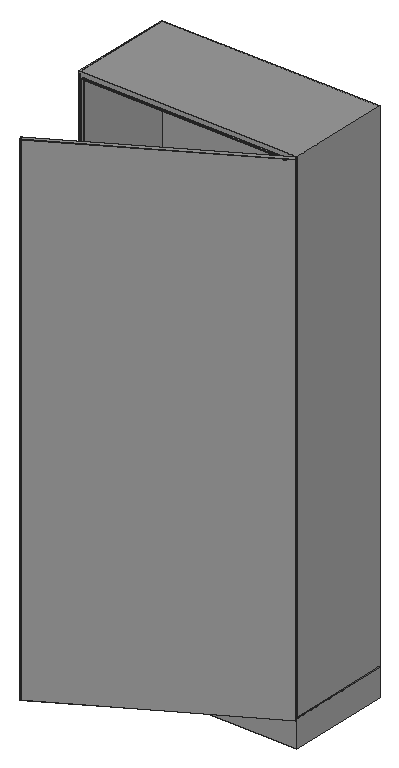
Revit family "Hager-Univers-IP55-D400-H1950-Cl.I-Steel_encl-NoHosted-PT-pt", category Electrical Equipment, Revit 2020
Family settings
  Panel Configuration = Two Columns, Circuits Across
  Round Connector Dimension = Use Diameter
  Part Type = Panelboard
  Work Plane-Based = Yes
  Always vertical = Yes
  Cut with Voids When Loaded = No
  Shared = No
  Room Calculation Point = No
Parameters (values of type "Instalação de piso IP55 L800 A1950 P400  - FR23G1")
  Width Control [instance] = if([EF000008 - Largura] > Min Width, [EF000008 - Largura], Min Width)  # 800 mm
  Type Comments = [HG000003 - Gama]  # "Univers"
  Thickness Door [instance] = if([EF009171 - Espessura do material da porta/tampa] > 3 mm, 3 mm, [EF009171 - Espessura do material da porta/tampa])  # 1.5 mm
  Seal Frame Offset [instance] = 17 mm  # constant formula
  Plinth Visibility [instance] = [HG000027 - Altura da Plinta] > 0 mm  # yes
  Min Width [instance] = 100 mm  # constant formula
  Min Depth [instance] = (2 * [EF009170 - Espessura do material do invólucro]) + 1 mm  # 4 mm
  Min Height [instance] = 100 mm  # constant formula
  Internal Frame Depth [instance] = (Door System Depth * 0.5)  # 9 mm
  Panel Name [instance] = ""  # (empty or 0)
  Model = ""
  HG000027 - Altura da Plinta = 100 mm
  HG000026 - Instalação no chão = yes
  HG000024 - Altura da secção inferior = 600 mm
  HG000023 - Recinto de secção dupla = no
  HG000016 - Visibilidade da porta 3D [instance] = yes
  HG000015 - Visibilidade através da porta [instance] = no
  HG000014 - Porta à direita [instance] = yes
  HG000013 - Porta à esquerda [instance] = not([HG000014 - Porta à direita])  # no
  HG000012 - Ângulo de abertura de porta [instance] = 30.00°
  HG000010 - Portas assimétricas = no
  HG000009 - Porta dupla = no
  HG000006 - Encastrado = no
  HG000004 - Referência do Fabricante = "FR23G1"
  HG000003 - Gama = "Univers"
  HG000002 - Com porta ou tampa = yes
  Frame Offset Bottom [instance] = 10 mm  # constant formula
  Frame Offset [instance] = 15 mm  # constant formula
  EF015940 - Tampa com libertação de sobrepressão = no
  EF011959 - Grau de proteção (NEMA) = ""
  EF009554 - Número de aberturas para placas de flange = 6
  EF009212 - Tipo de tampa = "EV000116 - Fechado"
  EF009171 - Espessura do material da porta/tampa = 1.5 mm
  EF009170 - Espessura do material do invólucro = 1.5 mm
  EF008873 - Corrente nominal (In) = 800 A
  EF007800 - Adequado para proteção contra raios = no
  EF006306 - Com fecho = no
  EF006244 - Tampa/porta transparente = no
  EF005474 - Grau de proteção (IP) = "EV006420 - IP55"
  EF004464 - Tipo de porta = "EV002646 - Único"
  EF004427 - Número de módulos = 432
  EF004293 - Força de impacto = "EV008784 - IK10"
  EF003532 - Adequado para uso no exterior = no
  EF002950 - Largura em número de módulos = 24
  EF001613 - Integridade do circuito = "EV000494 - Nenhum"
  EF001596 - Material do corpo = "EV000179 - Aço"
  EF001131 - Profundidade interior = 400 mm
  EF001088 - Extensão possível = yes
  EF000437 - Número de entradas de condutores = 6
  EF000339 - Tipo de difusor = "EV004216 - Porta"
  EF000266 - Número de linhas = 12
  EF000218 - Profundidade incorporada = 0 mm
  EF000118 - Com tampa de montagem = no
  EF000116 - Número RAL = "7035"
  EF000049 - Profundidade = 400 mm
  EF000040 - Altura = 1950 mm
  EF000008 - Largura = 800 mm
  EF000007 - Cor = "EV000270 - Cinzento"
  EF000003 - Método de montagem = "EV012274 - Instalação de piso"
  Door System Leaf Tolerance [instance] = 1.5 mm  # constant formula
  Door System Depth [instance] = 18 mm  # constant formula
  Door Height [instance] = Height Control - [HG000027 - Altura da Plinta]  # 1850 mm
  Description = ""
  Default Elevation = 1219.2 mm
  Connector Offset [instance] = Height Control / 2  # 975 mm
  Manufacturer = "Hager"  # constant formula
  Height Control [instance] = if([EF000040 - Altura] > Min Height, [EF000040 - Altura], Min Height)  # 1950 mm
  Depth Control [instance] = if([EF000049 - Profundidade] > Min Depth, [EF000049 - Profundidade], Min Depth)  # 400 mm
  Bottom Top Plate Trim [instance] = 1.5 mm  # constant formula
  Plinth height Ctrl [instance] = if([HG000027 - Altura da Plinta] > 0 mm, [HG000027 - Altura da Plinta], 12 mm)  # 100 mm
Types (4, lengths in mm): name | Width Control | HG000010 - Portas assimétricas | HG000009 - Porta dupla | HG000004 - Referência do Fabricante | EF009554 - Número de aberturas para placas de flange | EF004464 - Tipo de porta | EF004427 - Número de módulos | EF000437 - Número de entradas de condutores | EF000008 - Largura
  Instalação de piso IP55 L1050 A1950 P400  - FR24G1 | 1050 | yes | yes | "FR24G1" | 8 | "EV003602 - Duplo" | 576 | 8 | 1050
  Instalação de piso IP55 L1300 A1950 P400  - FR25G1 | 1300 | yes | yes | "FR25G1" | 10 | "EV003602 - Duplo" | 720 | 10 | 1300
  Instalação de piso IP55 L1550 A1950 P400  - FR26G1 | 1550 | yes | yes | "FR26G1" | 12 | "EV003602 - Duplo" | 864 | 12 | 1550
  Instalação de piso IP55 L800 A1950 P400  - FR23G1 | 800 | no | no | "FR23G1" | 6 | "EV002646 - Único" | 432 | 6 | 800
Reference planes
  plane 1 "Center (Front/Back)": y = 0
  plane 2: z = 0
  plane 3 "Center (Left/Right)": x = 0
  plane 4: y = 0
  plane 5: y = 0
  plane 6: z = 0
  plane 7: x = -400
  plane 8: x = 400
  plane 9: x = 398.5
  plane 10: x = -398.5
  plane 11: z = 100
  plane 12: z = 101.5
  plane 13: y = -400
  plane 14: y = -1.5
  plane 15: x = 0
  plane 16: y = -382
  plane 17: y = -398.5
  plane 18: y = -380.5
  plane 19: x = -383.5
  plane 20: x = 383.5
  plane 21: z = 111.5
  plane 22: x = -383
  plane 23: x = 383
  plane 24: z = 100
  plane 25: z = 1950
  plane 26: z = 1950
  plane 27: z = 1933.5
  plane 28: z = 1948.5
Forms (mm)
  Extrusion 1, solid, material "Hager_Steel_RAL7035_Light_Grey", detail levels medium+fine
    sketch origin (-208.679, -4572, 100) x (-1, 0, 0) y (0, -1, 0)
      loop
        line (191.321, -4190) -> (-608.679, -4190) -> (-608.679, -4572) -> (191.321, -4572) -> (191.321, -4190)
    from 0 to 1850
  Extrusion 2, void
    sketch origin (-350.771, -400, 1219.2) x (1, 0, 0) y (0, 0, 1)
      loop
        line (-47.729, 729.3) -> (-47.729, -1117.7) -> (749.271, -1117.7) -> (749.271, 729.3) -> (-47.729, 729.3)
    from -19.5 to -398.5
  Extrusion 3, void
    sketch origin (-290.084, -382, 1219.2) x (1, 0, 0) y (0, 0, 1)
      loop
        line (-93.416, -1107.7) -> (673.584, -1107.7) -> (673.584, 714.3) -> (-93.416, 714.3) -> (-93.416, -1107.7)
    from 0 to -1.5
  Extrusion 4, solid, material "Hager_Steel_RAL7035_Light_Grey", visible <- "Plinth Visibility", detail levels medium+fine
    sketch origin (0, 0, 0) x (1, 0, 0) y (0, 1, 0)
      loop
        line (-400, 0) -> (-400, -382) -> (400, -382) -> (400, 0) -> (-400, 0)
    from 0 to 100 <- "Plinth height Ctrl"
  Extrusion 5, solid, material "Hager_Steel_RAL7035_Light_Grey", detail levels coarse
    sketch origin (0, 0, 0) x (1, 0, 0) y (0, 1, 0)
      loop
        line (-400, 0) -> (-400, -400) -> (400, -400) -> (400, 0) -> (-400, 0)
    from 0 to 1950 <- "Height Control"
  Sweep 6, void
    path in 3D
      loop
        line (-400, -382, 100) -> (400, -382, 100) -> (400, 0, 100) -> (-400, 0, 100) -> (-400, -382, 100)
    profile origin (-400, -191, 100) x (1, 0, 0) y (0, 0, 1)
      loop
        line (0, 0) -> (0, -1.5) -> (1.5, -1.5)
        arc (1.5, -1.5) -> (1.061, -0.439) -> (0, 0) r 1.5
  Extrusion 7, solid, material "Hager_Steel_RAL7035_Light_Grey", detail levels fine
    sketch origin (-400, -382, 100) x (1, 0, 0) y (0, 0, 1)
      loop
        line (16.5, 11.5) -> (783.5, 11.5) -> (783.5, 1833.5) -> (16.5, 1833.5) -> (16.5, 11.5)
      loop
        line (15, 10) -> (785, 10) -> (785, 1835) -> (15, 1835) -> (15, 10)
    from 0 to 9 <- "Internal Frame Depth"
Cuts and joins
  Extrusion 2, Extrusion 3 cuts Extrusion 1
  Sweep 6 cuts Extrusion 4
Lines and regions (mm)
  Masking region 1
    outline origin (0, 0, 0) x (1, 0, 0) y (0, 1, 0)
      loop
        line (-400, 0) -> (-400, -400) -> (400, -400) -> (400, 0) -> (-400, 0)
  Masking region 2, detail levels coarse
    outline origin (-290.084, -382, 1219.2) x (-1, 0, 0) y (0, 0, 1)
      loop
        line (-690.084, -1219.2) -> (109.916, -1219.2) -> (109.916, 730.8) -> (-690.084, 730.8) -> (-690.084, -1219.2)
  Masking region 3, detail levels coarse
    outline origin (0, 0, 0) x (0, 1, 0) y (0, 0, 1)
      loop
        line (0, 0) -> (0, 1950) -> (-400, 1950) -> (-400, 0) -> (0, 0)
  Masking region 4, visible <- "Plinth Visibility", detail levels medium+fine
    outline origin (0, 0, 0) x (0, 1, 0) y (0, 0, 1)
      loop
        line (-1.5, 100) -> (-380.5, 100)
        arc (-380.5, 100) -> (-380.939, 98.939) -> (-382, 98.5) r 1.5
        line (-382, 98.5) -> (-382, 0) -> (0, 0) -> (0, 98.5)
        arc (0, 98.5) -> (-1.061, 98.939) -> (-1.5, 100) r 1.5
  Masking region 5, detail levels medium+fine
    outline origin (0, 0, 594.038) x (0, 1, 0) y (0, 0, 1)
      loop
        line (0, -494.038) -> (0, 1355.962) -> (-382, 1355.962) -> (-382, -494.038) -> (0, -494.038)
  Masking region 6, detail levels medium+fine
    outline origin (-359.7, -382, 1211.883) x (-1, 0, 0) y (0, 0, 1)
      loop
        line (-759.7, -1111.883) -> (40.3, -1111.883) -> (40.3, 738.117) -> (-759.7, 738.117) -> (-759.7, -1111.883)
  Masking region 7, visible <- "Plinth Visibility", detail levels medium+fine
    outline origin (-320.334, -382, 1041.368) x (-1, 0, 0) y (0, 0, 1)
      loop
        line (-720.334, -1041.368) -> (79.666, -1041.368) -> (79.666, -942.868)
        arc (79.666, -942.868) -> (78.606, -942.429) -> (78.166, -941.368) r 1.5
        line (78.166, -941.368) -> (-718.834, -941.368)
        arc (-718.834, -941.368) -> (-719.273, -942.429) -> (-720.334, -942.868) r 1.5
        line (-720.334, -942.868) -> (-720.334, -1041.368)
  sketch lines
    curve 1: line (-400, 0, 100) -> (-400, -382, 100)
    curve 2: line (-400, -382, 100) -> (400, -382, 100)
    curve 3: line (400, 0, 100) -> (-400, 0, 100)
    curve 4: line (400, -382, 100) -> (400, 0, 100)
Dimensions and locks
  locked: plane 1 "Center (Front/Back)" to plane 5
  "EF009170 - Espessura do material do invólucro": plane 7 to plane 10
  "EF009170 - Espessura do material do invólucro": plane 8 to plane 9
  equal spacing: plane 7, plane 3 "Center (Left/Right)", plane 8
  "Width Control": plane 7 to plane 8
  "Depth Control": plane 4 to plane 13
  "EF009170 - Espessura do material do invólucro": plane 4 to plane 14
  "Height Control": plane 25 to level
  "HG000027 - Altura da Plinta": plane 11 to level
  "EF009170 - Espessura do material do invólucro": plane 12 to plane 11
  "EF009170 - Espessura do material do invólucro": plane 17 to plane 13
  "EF009170 - Espessura do material do invólucro": plane 18 to plane 16
  "Frame Offset Bottom": plane 21 to plane 12
  "Frame Offset": plane 10 to plane 19
  "Frame Offset": plane 9 to plane 20
  "Door System Depth": plane 16 to plane 13
  "Seal Frame Offset": plane 7 to plane 22
  "Seal Frame Offset": plane 8 to plane 23
  "EF009170 - Espessura do material do invólucro": plane 26 to plane 28
  "Frame Offset": plane 28 to plane 27
  "Connector Offset": plane 2 to connector elem
  "Bottom Top Plate Trim": profile plane to Sweep 6 sketch curve
  "Bottom Top Plate Trim": Sweep 6 sketch curve to Sweep 6 sketch curve
  "Plinth height Ctrl": Masking region 4 sketch curve to level
  "Plinth height Ctrl": Masking region 7 sketch curve to level
  "Thickness Door": Extrusion 7 sketch curve to Extrusion 7 sketch curve  (x4)
  "Bottom Top Plate Trim": radius of Sweep 6 sketch curve
  "Bottom Top Plate Trim": radius of Masking region 4 sketch curve  (x2)
  "Bottom Top Plate Trim": radius of Masking region 7 sketch curve  (x2)
  aligned and locked: Extrusion 2 sketch curve to plane 12
  aligned and locked: Extrusion 2 sketch curve to plane 9
  aligned and locked: Extrusion 2 sketch curve to plane 10
  aligned and locked: Extrusion 2 to plane 14
  aligned and locked: Extrusion 1 sketch curve to plane 4
  aligned and locked: plane 8 to Extrusion 1 sketch curve
  aligned and locked: plane 7 to Extrusion 1 sketch curve
  aligned and locked: Extrusion 2 to plane 18
  aligned and locked: Extrusion 3 sketch curve to plane 19
  aligned and locked: plane 20 to Extrusion 3 sketch curve
  aligned and locked: Extrusion 3 to Extrusion 2
  aligned and locked: Extrusion 3 sketch curve to plane 21
  aligned and locked: plane 3 "Center (Left/Right)" to nested 1
  aligned and locked: Extrusion 1 sketch curve to plane 16
  aligned and locked: Extrusion 4 sketch curve to cut or joined group of Extrusion 1, Extrusion 2, Extrusion 3
  aligned and locked: Masking region 1 sketch curve to plane 7
  aligned and locked: Masking region 1 sketch curve to plane 5
  aligned and locked: Masking region 1 sketch curve to plane 8
  aligned and locked: Masking region 2 sketch curve to level
  aligned and locked: level to Masking region 3 sketch curve
  aligned and locked: plane 1 "Center (Front/Back)" to Masking region 3 sketch curve
  aligned and locked: plane 13 to Masking region 3 sketch curve
  aligned and locked: plane 5 to Masking region 4 sketch curve
  aligned and locked: Masking region 2 sketch curve to plane 8
  aligned and locked: Masking region 2 sketch curve to plane 7
  aligned and locked: plane 7 to nested 2
  aligned and locked: nested 2 to plane 5
  aligned and locked: plane 5 to Masking region 5 sketch curve
  aligned and locked: plane 26 to Masking region 5 sketch curve
  aligned and locked: Extrusion 5 sketch curve to plane 8
  aligned and locked: Extrusion 5 sketch curve to plane 7
  aligned and locked: Extrusion 5 sketch curve to plane 5
  aligned and locked: Extrusion 3 sketch curve to plane 27
  aligned and locked: Extrusion 2 sketch curve to plane 28
  aligned and locked: Masking region 2 to plane 25
  aligned and locked: Extrusion 4 to plane 16
  aligned and locked: profile plane to Sweep 6 sketch curve
  aligned and locked: Masking region 5 sketch curve to plane 24
  aligned and locked: level to Masking region 4 sketch curve
  aligned and locked: Masking region 1 to plane 13
  aligned and locked: nested 1 to plane 16
  aligned and locked: Masking region 3 to plane 25
  aligned and locked: plane 16 to Masking region 4 sketch curve
  aligned and locked: Masking region 5 sketch curve to plane 16
  aligned and locked: plane 24 to plane 11
  aligned and locked: plane 26 to plane 25
  aligned and locked: plane 26 to cut or joined group of Extrusion 1, Extrusion 2, Extrusion 3
  aligned and locked: nested 1 to plane 24
  aligned and locked: Extrusion 1 to Extrusion 3
  aligned and locked: Masking region 6 sketch curve to plane 8
  aligned and locked: Masking region 6 sketch curve to plane 24
  aligned and locked: Masking region 6 sketch curve to plane 7
  aligned and locked: Masking region 6 sketch curve to plane 26
  aligned and locked: Masking region 7 sketch curve to plane 7
  aligned and locked: level to Masking region 7 sketch curve
  aligned and locked: Masking region 7 sketch curve to plane 8
  aligned and locked: Extrusion 7 sketch curve to cut or joined group of Extrusion 1, Extrusion 2, Extrusion 3  (x4)
Automatic sketch dimensions
  plane 19 to Extrusion 3 sketch curve = 0 mm
  Extrusion 3 sketch curve to plane 20 = 0 mm
  Extrusion 3 sketch curve to plane 21 = 0 mm
  Extrusion 4 sketch curve to plane 7 = 0 mm
  Extrusion 4 sketch curve to plane 8 = 0 mm
  Extrusion 4 sketch curve to plane 16 = 0 mm
  Masking region 1 sketch curve to plane 13 = 0 mm
  Masking region 2 sketch curve to plane 25 = 0 mm
  Masking region 3 sketch curve to plane 25 = 0 mm
  Extrusion 5 sketch curve to plane 13 = 0 mm
  profile plane to Sweep 6 sketch curve = 0 mm
Nested families
  nested 1: "EC000058_Univers_Door" at (0, -382, 100), Double <- "HG000009 - Porta dupla", Transparent <- "EF006244 - Tampa/porta transparente", Angle <- "HG000012 - Ângulo de abertura de porta", Door_Right <- "HG000014 - Porta à direita", Assymetrical <- "HG000010 - Portas assimétricas", Door <- "HG000002 - Com porta ou tampa", Width_Ctrl <- "Width Control", 3d_Door <- "HG000016 - Visibilidade da porta 3D", Clearance <- "HG000015 - Visibilidade através da porta", Door_Left <- "HG000013 - Porta à esquerda", Width <- "Width Control", Door_Depth <- "Door System Depth", Leaf_Tolerance <- "Door System Leaf Tolerance", Height <- "Door Height", Lock_Visibility <- "EF006306 - Com fecho", Thickness <- "Thickness Door", type "EC000058_Univers_Door", detail levels medium+fine
    with min_wh 4 mm, Width_Ctrl 800 mm, Width 800 mm, Transparent no, Thickness 1.5 mm, Seal_Material Hager_Rubber, Lock_Visibility no, Lock_Material Hager_Plastic_RAL9005_Jet_Black, Leaf_Width 800 mm, Leaf_Tolerance_External_Sides 0 mm, Leaf_Tolerance 1.5 mm, Leaf_Offset 0 mm, Leaf_Height 1847 mm, Leaf_2_Width 800 mm, Leaf_2_Offset 400 mm, Leaf_1_Width 800 mm, Leaf_1_Offset 400 mm, Height_Ctrl 1850 mm, Height 1850 mm, Glass_Material Hager_Glass, Double_Clearance_Ctrl no, Double no, Door_Right_Ctrl yes, Door_Right yes, Door_Material Hager_Steel_RAL7035_Light_Grey, Door_Left_Ctrl no, Door_Left no, Door_Depth 18 mm, Door yes, Clearance_Material Hager_Clearance, Clearance_Depth 800 mm, Clearance_Ctrl no, Clearance no, Assymetrical no, Angle 30.00°, 3d_Door yes
  nested 2: "Hager_Enclosure_Symbol" at (-400, 0, 0), Height <- "Depth Control", Width <- "Width Control", type "Hager_Enclosure_Symbol"
    with Width_Ctrl 800 mm, Width 800 mm, Height_Ctrl 400 mm, Height 400 mm, A_Width_Int 26.25 mm, A_Width 315 mm, A_Height_Ctrl 350 mm, A_Height 350 mm
Connectors
  electrical at (0, 0, 975)
    settings: on plane 1 "Center (Front/Back)", index 1, voltage 0 V, apparent load 0 VA, apparent load phase1 0 VA, apparent load phase2 0 VA, apparent load phase3 0 VA, power factor 1, load classification "Other", number of poles 1, system type 30, power factor state 1, is connector primary yes, connector utility no, sub classification motor no, connector description ""
Definition of nested family "EC000058_Univers_Door"
  Parameters (values of type "EC000058_Univers_Door")
    min_wh [instance] = (2 * Thickness) + 1 mm  # 11 mm
    Width_Ctrl [instance] = 400 mm
    Width [instance] = 500 mm
    Transparent [instance] = yes
    Thickness [instance] = 5 mm
    Seal_Material [instance] = none
    Lock_Visibility [instance] = yes
    Lock_Material [instance] = none
    Leaf_Width [instance] = if((Width_Ctrl - 2 * Leaf_Tolerance_External_Sides) > 0 mm, (Width_Ctrl - 2 * Leaf_Tolerance_External_Sides), min_wh)  # 400 mm
    Leaf_Tolerance_External_Sides [instance] = 0 mm  # constant formula
    Leaf_Tolerance [instance] = 1.5 mm
    Leaf_Offset [instance] = 0 mm  # constant formula
    Leaf_Height [instance] = if((Height_Ctrl - 2 * Leaf_Tolerance) > 0 mm, (Height_Ctrl - 2 * Leaf_Tolerance), min_wh)  # 497 mm
    Leaf_2_Width [instance] = if(and(and(Double, Assymetrical), Door_Left), (Leaf_Width / 3) - (Leaf_Tolerance / 2), if(and(and(Double, Assymetrical), Door_Right), (Leaf_Width / 3) * 2 - (Leaf_Tolerance / 2), if(and(Double, not(Assymetrical)), (Leaf_Width / 2) - Leaf_Tolerance, Leaf_Width)))  # 400 mm
    Leaf_2_Offset [instance] = if(and(Double, Assymetrical), Leaf_2_Width / 2, if(and(Double, not(Assymetrical)), Leaf_Width / 4, Leaf_Width / 2))  # 200 mm
    Leaf_1_Width [instance] = if(and(and(Double, Assymetrical), Door_Right), (Leaf_Width / 3) - (Leaf_Tolerance / 2), if(and(and(Double, Assymetrical), Door_Left), (Width / 3) * 2 - (Leaf_Tolerance / 2), if(and(Double, not(Assymetrical)), (Leaf_Width / 2) - Leaf_Tolerance, Leaf_Width)))  # 400 mm
    Leaf_1_Offset [instance] = if(and(Double, Assymetrical), Leaf_1_Width / 2, if(and(Double, not(Assymetrical)), Leaf_Width / 4, Leaf_Width / 2))  # 200 mm
    Height_Ctrl [instance] = if(Height > min_wh, Height, min_wh)  # 500 mm
    Height [instance] = 500 mm
    Glass_Material [instance] = none
    Double_Clearance_Ctrl [instance] = and(Double, Clearance)  # no
    Double [instance] = no
    Door_Right_Ctrl [instance] = and(or(Door_Right, Double), Door)  # yes
    Door_Right [instance] = yes
    Door_Material [instance] = none
    Door_Left_Ctrl [instance] = and(or(Door_Left, Double), Door)  # no
    Door_Left [instance] = no
    Door_Depth [instance] = 30 mm
    Door [instance] = yes
    Default Elevation = 1219.2 mm
    Clearance_Material [instance] = none
    Clearance_Depth [instance] = if(Leaf_1_Width > Leaf_2_Width, Leaf_1_Width, Leaf_2_Width)  # 400 mm
    Clearance_Ctrl [instance] = and(not(Double), Clearance)  # yes
    Clearance [instance] = yes
    Assymetrical [instance] = yes
    Angle [instance] = 30.00°
    3d_Door [instance] = yes
  Reference planes
    plane 1 "Center (Front/Back)": y = 0
    plane 2 "Bottom": z = 0
    plane 3 "Center (Left/Right)": x = 0
    plane 4: z = 500
    plane 5: x = -200
    plane 6: x = 200
    plane 7: z = 500
    plane 8: x = -200
    plane 9: z = 0
    plane 10: x = 200
    plane 11: y = 0
    plane 12: z = 1.5
    plane 13: x = -600
    plane 14: y = -400
    plane 15: x = 600
    plane 16: x = 0
    plane 17: x = 0
    plane 18: x = -200
    plane 19: x = 200
    plane 20: z = 498.5
  Forms (mm)
    Extrusion 1, solid, material <- "Clearance_Material", visible <- "Double_Clearance_Ctrl"
      sketch origin (1200, 0, 0) x (1, 0, 0) y (0, 0, -1)
        loop
          line (-1800, -498.5) -> (-600, -498.5) -> (-600, 0) -> (-1800, 0) -> (-1800, -498.5)
      from 0 to -400
  Dimensions and locks
    equal spacing: plane 5, plane 3 "Center (Left/Right)", plane 6
    "Width_Ctrl": plane 5 to plane 6
    "Leaf_Offset": plane 5 to plane 8
    "Leaf_Offset": plane 6 to plane 10
    "Leaf_Offset": plane 9 to level
    "Leaf_Offset": plane 4 to plane 7
    "Height_Ctrl": plane 4 to level
    "Leaf_Tolerance": plane 12 to plane 9
    locked: plane 11 to plane 1 "Center (Front/Back)"
    "Leaf_1_Offset": plane 18 to plane 16
    "Leaf_2_Offset": plane 17 to plane 19
    "Leaf_1_Width": plane 13 to plane 8
    "Leaf_2_Width": plane 10 to plane 15
    "Clearance_Depth": plane 14 to plane 1 "Center (Front/Back)"
    "Leaf_Tolerance_External_Sides": plane 8 to plane 18
    "Leaf_Tolerance_External_Sides": plane 19 to plane 10
    "Leaf_Tolerance": plane 7 to plane 20
    aligned and locked: level to plane 2 "Bottom"
    aligned and locked: nested 1 to plane 16
    aligned and locked: nested 2 to plane 17
    aligned and locked: Extrusion 1 to plane 13
    aligned and locked: plane 15 to Extrusion 1
    aligned and locked: Extrusion 1 to plane 14
    aligned and locked: plane 12 to nested 1
    aligned and locked: nested 2 to plane 12
    aligned and locked: Extrusion 1 to plane 11
    aligned and locked: plane 20 to Extrusion 1
    aligned and locked: nested 2 to plane 11
    aligned and locked: nested 1 to plane 11
  Automatic sketch dimensions
    Extrusion 1 sketch curve to level = 0 mm
    plane 5 to Extrusion 1 sketch curve = 400 mm
    plane 6 to Extrusion 1 sketch curve = 400 mm
    Extrusion 1 sketch curve to plane 4 = 1.5 mm
  Nested families
    nested 1: "EC000058_Univers_Door_Leaf" at (0, 0, 1.5), Width <- "Leaf_1_Width", visible <- "Door_Left_Ctrl", Leaf_Height <- "Leaf_Height", Angle <- "Angle", 3d_Door <- "3d_Door", Transparent <- "Transparent", Clearance Material <- "Clearance_Material", Clearance <- "Clearance_Ctrl", Door_Material <- "Door_Material", Glass_Material <- "Glass_Material", Door_Depth <- "Door_Depth", Lock_Material <- "Lock_Material", Seal_Material <- "Seal_Material", Lock_Visibility <- "Lock_Visibility", Thickness <- "Thickness", type "EC000058_Univers_Door_Leaf"
      with Width 400 mm, Transparent_Glass_Offset 30 mm, Transparent_Ctrl yes, Transparent yes, Thickness 5 mm, Standard no, Seal_Material none, Seal_D2 8 mm, Seal_D1 1 mm, Offset_Internal_Frame 10 mm, Lock_Width 20 mm, Lock_Visibility_3d yes, Lock_Visibility yes, Lock_Thickness_3 3 mm, Lock_Thickness_2 1 mm, Lock_Thickness_1 3 mm, Lock_Radius_Offset_2 16 mm, Lock_Radius_Offset_1 15 mm, Lock_Radius_2 5 mm, Lock_Radius 6 mm, Lock_Offset 5 mm, Lock_Material none, Lock_Height 80 mm, Lock_Cover_Top_Offset_2d 17 mm, Lock_Cover_Height -65 mm, Leaf_Height 497 mm, Internal_Seal_Thickness 8 mm, Internal_Seal_Depth_2 4.5 mm, Internal_Frame_Depth 25 mm, Glass_Thickness -1 mm, Glass_Offset -2 mm, Glass_Material none, Door_Material none, Door_Depth 30 mm, Clearance Material none, Clearance yes, Angle_Ctrl 30.00°, Angle 30.00°, 3d_Door yes
    nested 2: "EC000058_Univers_Door_Leaf" at (0, 0, 1.5) x (-1, 0, 0) z (0, 0, 1), Width <- "Leaf_2_Width", visible <- "Door_Right_Ctrl", Leaf_Height <- "Leaf_Height", Angle <- "Angle", 3d_Door <- "3d_Door", Transparent <- "Transparent", Clearance Material <- "Clearance_Material", Clearance <- "Clearance_Ctrl", Door_Material <- "Door_Material", Glass_Material <- "Glass_Material", Door_Depth <- "Door_Depth", Lock_Material <- "Lock_Material", Seal_Material <- "Seal_Material", Lock_Visibility <- "Lock_Visibility", Thickness <- "Thickness", type "EC000058_Univers_Door_Leaf"
      with Width 400 mm, Transparent_Glass_Offset 30 mm, Transparent_Ctrl yes, Transparent yes, Thickness 5 mm, Standard no, Seal_Material none, Seal_D2 8 mm, Seal_D1 1 mm, Offset_Internal_Frame 10 mm, Lock_Width 20 mm, Lock_Visibility_3d yes, Lock_Visibility yes, Lock_Thickness_3 3 mm, Lock_Thickness_2 1 mm, Lock_Thickness_1 3 mm, Lock_Radius_Offset_2 16 mm, Lock_Radius_Offset_1 15 mm, Lock_Radius_2 5 mm, Lock_Radius 6 mm, Lock_Offset 5 mm, Lock_Material none, Lock_Height 80 mm, Lock_Cover_Top_Offset_2d 17 mm, Lock_Cover_Height -65 mm, Leaf_Height 497 mm, Internal_Seal_Thickness 8 mm, Internal_Seal_Depth_2 4.5 mm, Internal_Frame_Depth 25 mm, Glass_Thickness -1 mm, Glass_Offset -2 mm, Glass_Material none, Door_Material none, Door_Depth 30 mm, Clearance Material none, Clearance yes, Angle_Ctrl 30.00°, Angle 30.00°, 3d_Door yes
  Definition of nested family "EC000058_Univers_Door_Leaf"
    Parameters (values of type "EC000058_Univers_Door_Leaf")
      Width [instance] = 2000 mm
      Transparent_Glass_Offset [instance] = 30 mm
      Transparent_Ctrl [instance] = and(Transparent, [3d_Door])  # yes
      Transparent [instance] = yes
      Thickness [instance] = 5 mm
      Standard [instance] = and(not(Transparent), [3d_Door])  # no
      Seal_Material [instance] = none
      Seal_D2 [instance] = 8 mm  # constant formula
      Seal_D1 [instance] = 1 mm  # constant formula
      Offset_Internal_Frame [instance] = 10 mm  # constant formula
      Lock_Width [instance] = 20 mm  # constant formula
      Lock_Visibility_3d [instance] = and(Lock_Visibility, [3d_Door])  # yes
      Lock_Visibility [instance] = yes
      Lock_Thickness_3 [instance] = 3 mm  # constant formula
      Lock_Thickness_2 [instance] = 1 mm  # constant formula
      Lock_Thickness_1 [instance] = 3 mm  # constant formula
      Lock_Radius_Offset_2 [instance] = Lock_Radius_Offset_1 + 1 mm  # 16 mm
      Lock_Radius_Offset_1 [instance] = 15 mm  # constant formula
      Lock_Radius_2 [instance] = Lock_Radius - 1 mm  # 5 mm
      Lock_Radius [instance] = 6 mm  # constant formula
      Lock_Offset [instance] = 5 mm  # constant formula
      Lock_Material [instance] = none
      Lock_Height [instance] = 80 mm  # constant formula
      Lock_Cover_Top_Offset_2d [instance] = Lock_Radius_Offset_2 + 1 mm  # 17 mm
      Lock_Cover_Height [instance] = -(Lock_Height - Lock_Radius_Offset_1)  # -65 mm
      Leaf_Height [instance] = 2720.336 mm
      Internal_Seal_Thickness [instance] = 8 mm  # constant formula
      Internal_Seal_Depth_2 [instance] = 4.5 mm  # constant formula
      Internal_Frame_Depth [instance] = if(Door_Depth - Thickness > 5 mm, Door_Depth - Thickness, 5 mm)  # 25 mm
      Glass_Thickness [instance] = if(Thickness > 15 mm, Glass_Offset + 10 mm, -1 mm)  # -1 mm
      Glass_Offset [instance] = if(Thickness > 15 mm, -(Thickness + 10 mm) / 2, -2 mm)  # -2 mm
      Glass_Material [instance] = none
      Door_Material [instance] = none
      Door_Depth [instance] = 30 mm
      Default Elevation = 0 mm
      Clearance Material [instance] = none
      Clearance [instance] = yes
      Angle_Ctrl [instance] = if(Angle > 180.00°, 180.00°, Angle)  # 90.00°
      Angle [instance] = 90.00°
      3d_Door [instance] = yes
    Reference planes
      plane 1 "Center (Front/Back)": y = 0
      plane 2: z = 0
      plane 3 "Center (Left/Right)": x = 0
      plane 4: y = 2000
      plane 5: x = -1000
      plane 6: x = 1000
      plane 7: x = -3000
      plane 8: z = 2720.336
      plane 9: z = 30
      plane 10: z = 2690.336
      plane 11: x = 970
      plane 12: x = -970
      plane 13: y = -3
      plane 14: z = 107.833
      plane 15: y = -5
      plane 16: y = -223.314
      plane 17: x = -1000
      plane 18: z = 1360.168
      plane 19: y = 30
    Forms (mm)
      Extrusion 1, solid, material <- "Clearance Material", visible <- "Clearance"
        sketch origin (0, 0, 0) x (1, 0, 0) y (0, 0, 1)
          loop
            line (-3000, 2720.336) -> (-3000, 0) -> (1000, 0) -> (1000, 2720.336) -> (-3000, 2720.336)
        from 0 to -2000
      Extrusion 2, solid, material <- "Door_Material", visible <- "Standard", detail levels medium+fine
        sketch origin (-1000, 0, 0) x (0, 1, 0) y (-1, 0, 0)
          loop
            line (0, 30) -> (0, 25) -> (2000, 25) -> (2000, 30) -> (0, 30)
        from 0 to 2720.336 <- "Leaf_Height"
      Extrusion 3, solid, material <- "Door_Material", visible <- "Transparent_Ctrl", detail levels medium+fine
        sketch origin (-1000, 0, 0) x (0, 1, 0) y (-1, 0, 0)
          loop
            line (0, 25) -> (2000, 25) -> (2000, 30) -> (0, 30) -> (0, 25)
        from 0 to 2720.336 <- "Leaf_Height"
      Extrusion 4, void
        sketch origin (-1025, 2000, 0) x (0, 1, 0) y (0, 0, -1)
          loop
            line (-30, -2690.336) -> (-30, -30) -> (-1970, -30) -> (-1970, -2690.336) -> (-30, -2690.336)
        from 0 to 5 <- "Thickness"
      Sweep 5, solid, material <- "Seal_Material", visible <- "Transparent_Ctrl", detail levels fine
        path in 3D
          loop
            line (-1025, 30, 30) -> (-1025, 30, 2690.336) -> (-1025, 1970, 2690.336) -> (-1025, 1970, 30) -> (-1025, 30, 30)
        profile origin (-1025, 1000, 30) x (1, 0, 0) y (0, 0, 1)
          loop
            line (0, 0) -> (0, -8) -> (1, -8) -> (1, 0) -> (0, 0)
      Extrusion 6, solid, material <- "Glass_Material", visible <- "Transparent_Ctrl", detail levels medium+fine
        sketch origin (-1030, 0, 0) x (0, 1, 0) y (0, 0, -1)
          loop
            line (1970, -2690.336) -> (1970, -30) -> (30, -30) -> (30, -2690.336) -> (1970, -2690.336)
        from -2 <- "Glass_Offset" to -1 <- "Glass_Thickness"
      Extrusion 7, solid, material <- "Door_Material", visible <- "3d_Door", detail levels medium+fine
        sketch origin (-1025, 2000, 0) x (0, -1, 0) y (0, 0, -1)
          loop
            line (0, -2720.336) -> (2000, -2720.336) -> (2000, 0) -> (0, 0) -> (0, -2720.336)
          loop
            line (1995, -5) -> (5, -5) -> (5, -2715.336) -> (1995, -2715.336) -> (1995, -5)
        from 0 to 25 <- "Internal_Frame_Depth"
      Sweep 8, solid, material <- "Seal_Material", visible <- "Transparent_Ctrl", detail levels fine
        path in 3D
          loop
            line (-1025, 0, 0) -> (-1025, 2000, 0) -> (-1025, 2000, 2720.336) -> (-1025, 0, 2720.336) -> (-1025, 0, 0)
        profile origin (-1025, 0, 1360.168) x (1, 0, 0) y (0, 1, 0)
          loop
            line (0, 10) -> (2.975, 10)
            arc (2.975, 10) -> (4.053, 10.447) -> (4.5, 11.525) r 1.525
            line (4.5, 11.525) -> (4.5, 16.527)
            arc (4.5, 16.527) -> (4.069, 17.569) -> (3.027, 18) r 1.473
            line (3.027, 18) -> (0, 18) -> (0, 10)
      Extrusion 9, solid, material <- "Lock_Material", visible <- "Lock_Visibility_3d", detail levels fine
        sketch origin (-1030, 0, 0) x (0, 1, 0) y (0, 0, -1)
          loop
            arc (1993.5, -1400.168) -> (1994.561, -1399.729) -> (1995, -1398.668) r 1.5
            line (1995, -1398.668) -> (1995, -1320.168) -> (1975, -1320.168) -> (1975, -1398.668)
            arc (1975, -1398.668) -> (1975.439, -1399.729) -> (1976.5, -1400.168) r 1.5
            line (1976.5, -1400.168) -> (1993.5, -1400.168)
        from 3 <- "Lock_Thickness_1" to 0
      Blend 10, solid, material <- "Lock_Material", visible <- "Lock_Visibility_3d", detail levels fine
        base sketch origin (-1033, 0, 0) x (0, 1, 0) y (0, 0, -1)
          loop
            line (1975, -1320.168) -> (1975, -1398.668)
            arc (1975, -1398.668) -> (1975.439, -1399.729) -> (1976.5, -1400.168) r 1.5
            line (1976.5, -1400.168) -> (1993.5, -1400.168)
            arc (1993.5, -1400.168) -> (1994.561, -1399.729) -> (1995, -1398.668) r 1.5
            line (1995, -1398.668) -> (1995, -1320.168) -> (1975, -1320.168)
        top sketch origin (-1033, 0, 0) x (0, 1, 0) y (0, 0, -1)
          loop
            line (1976, -1320.168) -> (1976, -1398.668)
            arc (1976, -1398.668) -> (1976.146, -1399.022) -> (1976.5, -1399.168) r 0.5
            line (1976.5, -1399.168) -> (1993.5, -1399.168)
            arc (1993.5, -1399.168) -> (1993.854, -1399.022) -> (1994, -1398.668) r 0.5
            line (1994, -1398.668) -> (1994, -1320.168) -> (1976, -1320.168)
        from 0 to 1 <- "Lock_Thickness_2"
      Blend 11, solid, material <- "Lock_Material", visible <- "Lock_Visibility_3d", detail levels fine
        base sketch origin (-1034, 0, 0) x (0, 1, 0) y (0, 0, -1)
          loop
            line (1978, -1320.168) -> (1978, -1384.168)
            arc (1978, -1384.168) -> (1985, -1391.168) -> (1992, -1384.168) r 7
            line (1992, -1384.168) -> (1992, -1320.168) -> (1978, -1320.168)
        top sketch origin (-1034, 0, 0) x (0, 1, 0) y (0, 0, -1)
          loop
            line (1991, -1320.168) -> (1979, -1320.168) -> (1979, -1383.168)
            arc (1979, -1383.168) -> (1985, -1389.168) -> (1991, -1383.168) r 6
            line (1991, -1383.168) -> (1991, -1320.168)
        from 0 to 3 <- "Lock_Thickness_3"
      Extrusion 12, solid, material <- "Lock_Material", visible <- "Lock_Visibility_3d", detail levels fine
        sketch origin (-1030, 1975, 1320.168) x (1, 0, 0) y (0, -1, 0)
          loop
            line (-7, -19) -> (-7, -1) -> (0, -1) -> (0, 0) -> (-8, 0) -> (-8, -20) -> (0, -20) -> (0, -19) -> (-7, -19)
        from 0 to -65 <- "Lock_Cover_Height"
      Extrusion 13, void
        sketch origin (-1038, 1995, 1320.168) x (-1, 0, 0) y (0, 0, -1)
          loop
            line (-5, -65) -> (0, -65) -> (-5, -60) -> (-5, -65)
        from 0 to 20 <- "Lock_Width"
      Extrusion 14, void
        sketch origin (-1038, 1975, 1320.168) x (0, -1, 0) y (0, 0, -1)
          loop
            circle (-10, -15.995) r 6
          loop
            circle (-10, -15.995) r 5
        from 0 to 2
      Extrusion 15, solid, material <- "Lock_Material", visible <- "Lock_Visibility_3d", detail levels medium
        sketch origin (-1030, 0, 0) x (0, 1, 0) y (0, 0, -1)
          loop
            arc (1993.5, -1400.168) -> (1994.561, -1399.729) -> (1995, -1398.668) r 1.5
            line (1995, -1398.668) -> (1995, -1320.168) -> (1975, -1320.168) -> (1975, -1398.668)
            arc (1975, -1398.668) -> (1975.439, -1399.729) -> (1976.5, -1400.168) r 1.5
            line (1976.5, -1400.168) -> (1993.5, -1400.168)
        from 8 to 0
    Cuts and joins
      Extrusion 4 cuts Extrusion 3
      Extrusion 13, Extrusion 14 cuts Extrusion 9
      Extrusion 14 cuts Blend 11
      Extrusion 13, Extrusion 14 cuts Extrusion 12
      joined: Extrusion 9, Blend 10, Blend 11, Extrusion 12
      Extrusion 14 cuts Extrusion 15
    Lines and regions (mm)
      Masking region 1, visible <- "Lock_Visibility", detail levels fine
        outline origin (0, 0, 0) x (0, 1, 0) y (0, 0, 1)
          loop
            line (30, 1320.168) -> (33, 1320.168) -> (33, 1400.168) -> (30, 1400.168) -> (30, 1320.168)
      Masking region 2, visible <- "Lock_Visibility", detail levels fine
        outline origin (0, 3.143, 0) x (0, 1, 0) y (0, 0, 1)
          loop
            line (29.857, 1354.168) -> (30.857, 1354.168) -> (30.857, 1366.168) -> (29.857, 1366.168) -> (29.857, 1354.168)
      Masking region 3, detail levels medium+fine
        outline origin (0, 0, 0) x (0, 1, 0) y (0, 0, 1)
          loop
            line (0, 0) -> (30, 0) -> (30, 2720.336) -> (0, 2720.336) -> (0, 0)
      Masking region 4, detail levels medium+fine
        outline origin (0, 0, 0) x (1, 0, 0) y (0, 0, 1)
          loop
            line (-1000, 2720.336) -> (-1000, 0) -> (1000, 0) -> (1000, 2720.336) -> (-1000, 2720.336)
      Masking region 5, visible <- "Lock_Visibility", detail levels fine
        outline origin (-47.116, 0, 0) x (1, 0, 0) y (0, 0, 1)
          loop
            arc (1024.616, 1399.168) -> (1023.556, 1398.729) -> (1023.116, 1397.668) r 1.5
            line (1023.116, 1397.668) -> (1023.116, 1320.168) -> (1041.116, 1320.168) -> (1041.116, 1397.668)
            arc (1041.116, 1397.668) -> (1040.677, 1398.729) -> (1039.616, 1399.168) r 1.5
            line (1039.616, 1399.168) -> (1024.616, 1399.168)
      Masking region 6, visible <- "Lock_Visibility", detail levels medium+fine
        outline origin (-25, 0, 0) x (1, 0, 0) y (0, 0, 1)
          loop
            arc (1001.5, 1400.168) -> (1000.439, 1399.729) -> (1000, 1398.668) r 1.5
            line (1000, 1398.668) -> (1000, 1320.168) -> (1020, 1320.168) -> (1020, 1398.668)
            arc (1020, 1398.668) -> (1019.561, 1399.729) -> (1018.5, 1400.168) r 1.5
            line (1018.5, 1400.168) -> (1001.5, 1400.168)
      Masking region 7, visible <- "Lock_Visibility", detail levels fine
        outline origin (-73.735, 0, 0) x (1, 0, 0) y (0, 0, 1)
          loop
            line (1051.735, 1382.168) -> (1065.735, 1382.168) -> (1065.735, 1384.168)
            arc (1065.735, 1384.168) -> (1058.735, 1391.168) -> (1051.735, 1384.168) r 7
            line (1051.735, 1384.168) -> (1051.735, 1382.168)
      Masking region 8, visible <- "Lock_Visibility", detail levels fine
        outline origin (-73.735, 0, 0) x (1, 0, 0) y (0, 0, 1)
          loop
            line (1052.735, 1382.168) -> (1064.735, 1382.168) -> (1064.735, 1383.168)
            arc (1064.735, 1383.168) -> (1058.735, 1389.168) -> (1052.735, 1383.168) r 6
            line (1052.735, 1383.168) -> (1052.735, 1382.168)
      Masking region 9, visible <- "Lock_Visibility", detail levels fine
        outline origin (-25, 0, 0) x (1, 0, 0) y (0, 0, 1)
          loop
            line (1020, 1320.168) -> (1020, 1382.168) -> (1000, 1382.168) -> (1000, 1320.168) -> (1020, 1320.168)
      Masking region 10, detail levels medium+fine
        outline origin (0, 0, 0) x (1, 0, 0) y (0, 0, 1)
          loop
            circle (985, 1335.144) r 6
      Masking region 11, detail levels fine
        outline origin (0, 0, 0) x (1, 0, 0) y (0, 0, 1)
          loop
            circle (985, 1335.144) r 5
      Masking region 12, visible <- "Lock_Visibility", detail levels fine
        outline origin (0, 12.767, 0) x (0, 1, 0) y (0, 0, 1)
          loop
            line (20.233, 1320.168) -> (21.233, 1320.168) -> (21.233, 1399.168) -> (20.233, 1400.168) -> (20.233, 1320.168)
      Masking region 13, visible <- "Lock_Visibility", detail levels fine
        outline origin (0, 13.767, -10) x (0, 1, 0) y (0, 0, 1)
          loop
            line (20.233, 1330.168) -> (23.233, 1330.168) -> (23.233, 1399.168) -> (20.233, 1402.168) -> (20.233, 1330.168)
      Masking region 14, visible <- "Lock_Visibility", detail levels fine
        outline origin (0, 12.767, -10) x (0, 1, 0) y (0, 0, 1)
          loop
            line (20.233, 1330.168) -> (25.233, 1330.168) -> (25.233, 1399.305) -> (20.233, 1394.305) -> (20.233, 1330.168)
      Masking region 15, visible <- "Lock_Visibility", detail levels medium
        outline origin (0, 0, 0) x (0, 1, 0) y (0, 0, 1)
          loop
            line (30, 1320.168) -> (38, 1320.168) -> (38, 1400.168) -> (30, 1400.168) -> (30, 1320.168)
      Masking region 16, visible <- "Lock_Visibility", detail levels fine
        outline origin (-1000, 0, 0) x (0, 1, 0) y (-1, 0, 0)
          loop
            line (1975, 30) -> (1995, 30) -> (1995, 38) -> (1975, 38) -> (1975, 30)
          loop
            line (1979, 37) -> (1976, 37) -> (1976, 34) -> (1978, 34) -> (1979, 37)
          loop
            line (1994, 37) -> (1991, 37) -> (1992, 34) -> (1994, 34) -> (1994, 37)
      Masking region 17, visible <- "Lock_Visibility", detail levels medium
        outline origin (-1000, 0, 0) x (0, 1, 0) y (-1, 0, 0)
          loop
            line (1975, 30) -> (1995, 30) -> (1995, 38) -> (1975, 38) -> (1975, 30)
      symbolic lines
        curve 1: line (1000, 0, 0) -> (-3000, 0, 0)
        curve 2: arc (1000, 0, 0) -> (-1000, 2000, 0) -> (-3000, 0, 0) r 2000
        curve 4: line (-1030, 0, 0) -> (-1030, 2000, 0)
      reference lines
        curve 3: line (-1000, 0, 0) -> (-1000, 2000, 0)
      symbolic lines, detail levels medium+fine
        curve 5: line (-1030, 2000, 0) -> (-1025, 2000, 0)
        curve 7: line (-1025, 0, 0) -> (-1030, 0, 0)
        curve 8: line (-1025, 0, 0) -> (-1000, 0, 0)
        curve 9: line (-1000, 0, 0) -> (-1000, 2000, 0)
        curve 10: line (-1000, 2000, 0) -> (-1025, 2000, 0)
      symbolic lines, detail levels fine
        curve 6: line (-1025, 2000, 0) -> (-1025, 0, 0)
      sketch lines
        curve 11: line (-1025, 0, 2720.336) -> (-1025, 0, 0)
        curve 12: line (-1025, 2000, 0) -> (-1025, 0, 0)
        curve 13: line (-1025, 2000, 2720.336) -> (-1025, 2000, 0)
        curve 14: line (-1025, 0, 2720.336) -> (-1025, 2000, 2720.336)
        curve 15: line (-1025, 1970, 30) -> (-1025, 30, 30)
        curve 16: line (-1025, 30, 30) -> (-1025, 30, 2690.336)
        curve 17: line (-1025, 1970, 2690.336) -> (-1025, 1970, 30)
        curve 18: line (-1025, 30, 2690.336) -> (-1025, 1970, 2690.336)
      symbolic lines, visible <- "Transparent", detail levels medium+fine
        curve 19: line (-970, 0, 2690.336) -> (970, 0, 2690.336)
        curve 20: line (-970, 0, 30) -> (-970, 0, 2690.336)
        curve 21: line (970, 0, 30) -> (-970, 0, 30)
        curve 22: line (970, 0, 2690.336) -> (970, 0, 30)
    Dimensions and locks
      "Width": plane 1 "Center (Front/Back)" to plane 4
      equal spacing: plane 5, plane 3 "Center (Left/Right)", plane 6
      "Width": plane 5 to plane 6
      "Width": plane 7 to plane 5
      "Leaf_Height": plane 8 to level
      "Width": curve 5 to curve 3
      "Width": curve 3 to curve 3
      plane 8 to plane 10 = 30 mm
      plane 9 to level = 30 mm
      plane 12 to plane 5 = 30 mm
      plane 6 to plane 11 = 30 mm
      Extrusion 1 to Extrusion 4 sketch curve = 30 mm
      "Transparent_Glass_Offset": curve 3 to Extrusion 4 sketch curve
      "Transparent_Glass_Offset": Extrusion 4 sketch curve to cut or joined group of Extrusion 3, Extrusion 4  (x2)
      cut or joined group of Extrusion 3, Extrusion 4 to Extrusion 6 sketch curve = 30 mm
      "Transparent_Glass_Offset": cut or joined group of Extrusion 3, Extrusion 4 to Extrusion 4 sketch curve
      "Thickness": curve 6 to curve 4
      "Thickness": Extrusion 7 sketch curve to Extrusion 7 sketch curve  (x4)
      "Door_Depth": curve 4 to curve 3
      "Offset_Internal_Frame": profile plane to Sweep 8 sketch curve
      "Internal_Seal_Thickness": Sweep 8 sketch curve to Sweep 8 sketch curve
      "Internal_Seal_Depth_2": profile plane to Sweep 8 sketch curve
      "Seal_D1": profile plane to Sweep 5 sketch curve
      "Seal_D2": profile plane to Sweep 5 sketch curve
      "Thickness": Extrusion 2 sketch curve to Extrusion 2 sketch curve
      equal spacing: Extrusion 9 sketch curve, plane 18, Extrusion 9 sketch curve  (x2)
      equal spacing: Masking region 1 sketch curve, plane 18, Masking region 1 sketch curve
      "Lock_Height": Masking region 1 sketch curve to Masking region 1 sketch curve
      "Lock_Radius": Masking region 2 sketch curve to plane 18 to Masking region 2 sketch curve
      Masking region 2 sketch curve to Masking region 1 = 1 mm
      "Door_Depth": plane 19 to plane 1 "Center (Front/Back)"
      "Lock_Thickness_1": Masking region 1 sketch curve to plane 19
      "Lock_Width": Extrusion 9 sketch curve to Extrusion 9 sketch curve
      "Lock_Height": Extrusion 9 sketch curve to Extrusion 9 sketch curve
      "Lock_Offset": cut or joined group of Extrusion 3, Extrusion 4 to Extrusion 9 sketch curve
      equal spacing: plane 8, plane 18, level
      "Lock_Radius_Offset_1": Blend 11 sketch curve to Blend 10
      locked: Blend 10 to Blend 11 sketch curve at 2  (x2)
      locked: var sketch to Blend 11 sketch curve at 1  (x2)
      "Lock_Radius_Offset_2": Blend 11 sketch curve to Blend 10
      locked: Extrusion 12 sketch curve to Extrusion 12 sketch curve at 1  (x3)
      Masking region 6 sketch curve to Masking region 6 sketch curve = 80 mm
      "Lock_Height": Masking region 6 sketch curve to Masking region 6 sketch curve
      "Lock_Width": Masking region 6 sketch curve to Masking region 6 sketch curve
      locked: Masking region 6 to Masking region 5 sketch curve at 1  (x3)
      locked: Masking region 5 to Masking region 7 sketch curve at 2  (x2)
      "Lock_Radius_Offset_1": Masking region 5 to Masking region 7 sketch curve
      "Lock_Radius_Offset_2": Masking region 5 to Masking region 8 sketch curve
      locked: Masking region 7 to Masking region 8 sketch curve at 1  (x2)
      "Lock_Cover_Top_Offset_2d": Masking region 5 to Masking region 9 sketch curve
      equal spacing: Masking region 9, Masking region 10 sketch curve, Masking region 9
      equal spacing: Masking region 9, Masking region 11 sketch curve, Masking region 9
      Extrusion 15 sketch curve to Extrusion 15 sketch curve = 80 mm
      "Lock_Width": Extrusion 15 sketch curve to Extrusion 15 sketch curve
      "Lock_Height": Extrusion 15 sketch curve to Extrusion 15 sketch curve
      equal spacing: Extrusion 15 sketch curve, plane 18, Extrusion 15 sketch curve
      "Lock_Thickness_3": Masking region 13 sketch curve to Masking region 13 sketch curve
      "Lock_Height": Masking region 12 sketch curve to Masking region 12 sketch curve
      locked: Masking region 13 sketch curve to Masking region 1 at 8
      locked: Masking region 14 sketch curve to Masking region 13 at 1
      locked: Masking region 14 sketch curve to Masking region 1 at 10.863
      "Lock_Height": Masking region 15 sketch curve to Masking region 15 sketch curve
      "Lock_Offset": Extrusion 15 sketch curve to cut or joined group of Extrusion 3, Extrusion 4
      "Lock_Offset": plane 6 to Masking region 6 sketch curve
      radius of Sweep 8 sketch curve = 1.525 mm
      radius of Sweep 8 sketch curve = 1.473 mm
      radius of Extrusion 9 sketch curve = 1.5 mm  (x2)
      "Lock_Radius": radius of Extrusion 14 sketch curve
      "Lock_Radius_2": radius of Extrusion 14 sketch curve
      "Lock_Radius": radius of Masking region 10 sketch curve
      "Lock_Radius_2": radius of Masking region 11 sketch curve
      radius of Extrusion 15 sketch curve = 1.5 mm  (x2)
      "Angle_Ctrl": angle plane 1 "Center (Front/Back)" to curve 3
      locked: Masking region 12 sketch curve to Masking region 12 sketch curve (angle 45.00°)
      locked: Masking region 13 sketch curve to Masking region 13 sketch curve (angle 45.00°)
      locked: Masking region 14 sketch curve to Masking region 14 sketch curve (angle 45.00°)
      aligned and locked: level to plane 2
      aligned and locked: Extrusion 1 to curve 1
      aligned and locked: plane 6 to Extrusion 1
      aligned and locked: Extrusion 1 to plane 1 "Center (Front/Back)"
      aligned and locked: plane 4 to Extrusion 1
      aligned and locked: plane 8 to Extrusion 1
      aligned and locked: curve 7 to Extrusion 2 sketch curve
      aligned and locked: curve 5 to Extrusion 2 sketch curve
      aligned and locked: curve 7 to Extrusion 3 sketch curve
      aligned and locked: Extrusion 3 sketch curve to curve 4
      aligned and locked: Extrusion 3 sketch curve to curve 6
      aligned and locked: Extrusion 3 sketch curve to curve 5
      aligned and locked: curve 9 to curve 3
      aligned and locked: Extrusion 7 sketch curve to cut or joined group of Extrusion 3, Extrusion 4  (x4)
      aligned and locked: plane 17 to curve 3
      aligned and locked: plane 1 "Center (Front/Back)" to curve 3
      aligned and locked: plane 17 to plane 5
      aligned and locked: Sweep 8 sketch curve to profile plane
      aligned and locked: Sweep 5 sketch curve to profile plane  (x2)
      aligned and locked: Masking region 1 to Masking region 2 sketch curve
      aligned and locked: plane 19 to Masking region 1 sketch curve
      aligned and locked: plane 1 "Center (Front/Back)" to Masking region 3 sketch curve
      aligned and locked: plane 19 to Masking region 3 sketch curve
      aligned and locked: level to Masking region 3 sketch curve
      aligned and locked: Masking region 3 sketch curve to plane 8
      aligned and locked: plane 17 to Masking region 4 sketch curve
      aligned and locked: level to Masking region 4 sketch curve
      aligned and locked: Masking region 4 sketch curve to plane 8
      aligned and locked: plane 12 to curve 20
      aligned and locked: plane 10 to curve 19
      aligned and locked: plane 11 to curve 22
      aligned and locked: curve 21 to plane 9
      aligned and locked: Extrusion 2 sketch curve to cut or joined group of Extrusion 3, Extrusion 4
      aligned and locked: Blend 10 sketch curve to Extrusion 9  (x4)
      aligned and locked: Extrusion 9 to Blend 10 sketch curve
      aligned and locked: Blend 10 to Blend 11 sketch curve
      aligned and locked: Extrusion 12 sketch curve to Blend 11
      aligned and locked: Extrusion 12 sketch curve to Extrusion 9  (x4)
      aligned and locked: Masking region 5 sketch curve to Masking region 6
      aligned and locked: Masking region 9 sketch curve to Masking region 6  (x3)
      aligned and locked: Masking region 12 sketch curve to Masking region 1
      aligned and locked: Masking region 13 sketch curve to Masking region 1
      aligned and locked: Masking region 12 to Masking region 14
      aligned and locked: Masking region 14 sketch curve to Masking region 1
      aligned and locked: Masking region 15 sketch curve to Masking region 14
      aligned and locked: Masking region 13 sketch curve to Masking region 12
      aligned and locked: Masking region 16 sketch curve to cut or joined group of Extrusion 14, Extrusion 15  (x4)
      aligned and locked: Masking region 16 sketch curve to cut or joined group of Extrusion 9, Blend 10, Blend 11, Extrusion 12, Extrusion 13, Extrusion 14  (x6)
      aligned and locked: cut or joined group of Extrusion 9, Blend 10, Blend 11, Extrusion 12, Extrusion 13, Extrusion 14 to Masking region 16 sketch curve
      aligned and locked: Masking region 17 sketch curve to cut or joined group of Extrusion 14, Extrusion 15  (x3)
      aligned and locked: Masking region 17 sketch curve to cut or joined group of Extrusion 9, Blend 10, Blend 11, Extrusion 12, Extrusion 13, Extrusion 14
      aligned and locked: Masking region 9 to Masking region 8 sketch curve
      aligned and locked: Masking region 9 to Masking region 7 sketch curve
    Automatic sketch dimensions
      plane 1 "Center (Front/Back)" to curve 2 = 0 mm
      curve 2 to plane 5 = 0 mm
      Extrusion 1 sketch curve to level = 0 mm
      Extrusion 1 sketch curve to plane 7 = 0 mm
      Extrusion 1 sketch curve to plane 6 = 0 mm
      Extrusion 1 sketch curve to plane 8 = 0 mm
      Extrusion 3 to Extrusion 6 sketch curve = 30 mm  (x4)
      Masking region 4 sketch curve to plane 6 = 0 mm
      Blend 10 sketch curve to Extrusion 9 = 1.5 mm
      Blend 10 sketch curve to Extrusion 9 = 1 mm
      Extrusion 13 sketch curve to Extrusion 12 = 0 mm  (x2)
      Extrusion 12 to Extrusion 13 sketch curve = 3 mm
      Extrusion 13 sketch curve to Extrusion 12 = 5 mm
      Extrusion 14 sketch curve to Extrusion 14 sketch curve = 0 mm  (x2)
      Extrusion 14 sketch curve to Extrusion 12 = 10 mm
      Extrusion 14 sketch curve to Extrusion 12 = 15.995 mm
      Masking region 5 sketch curve to Masking region 5 sketch curve = 1.5 mm  (x2)
      Masking region 10 sketch curve to plane 18 = 25.024 mm
      Masking region 11 sketch curve to plane 18 = 25.024 mm
      plane 19 to Masking region 14 sketch curve = 3 mm
      Masking region 16 sketch curve to Masking region 16 sketch curve = 3 mm
      curve 4 to curve 3 = 0 mm
      Blend 10 to Blend 11 sketch curve = 0 mm
      Masking region 6 sketch curve to Masking region 6 sketch curve = 1.5 mm  (x2)
      Masking region 6 sketch curve to plane 18 = 40 mm
      plane 19 to Masking region 12 sketch curve = 3 mm
      Masking region 12 sketch curve to Masking region 12 sketch curve = 1 mm
      Masking region 15 sketch curve to plane 19 = 0 mm
      Masking region 15 sketch curve to plane 18 = 40 mm
      radius of Blend 10 sketch curve to Extrusion 9 = 1 mm
Definition of nested family "Hager_Enclosure_Symbol"
  Parameters (values of type "Hager_Enclosure_Symbol")
    Width_Ctrl [instance] = if(Width > 1 mm, Width, 1 mm)  # 102.27 mm
    Width [instance] = 102.27 mm
    Height_Ctrl [instance] = if(Height > 1 mm, Height, 1 mm)  # 66.5 mm
    A_Width_Int [instance] = if(A_Width / 12 > 2 mm, A_Width / 12, 2 mm)  # 4.364 mm
    A_Width [instance] = if(A_Height_Ctrl * 0.9 > 2 mm, A_Height_Ctrl * 0.9, 2 mm)  # 52.369 mm
    A_Height_Ctrl [instance] = if(A_Height > 2 mm, A_Height, 2 mm)  # 58.188 mm
    Height [instance] = 66.5 mm
    A_Height [instance] = Height - (Height / 8)  # 58.188 mm
  Reference planes
    plane 1 "Centre (avant/arrière)": y = 0
    plane 2: z = 0
    plane 3 "Centre (gauche/droite)": x = 0
    plane 4: x = 52.369
    plane 5: y = 33.042
    plane 6: y = 41.77
    plane 7: y = 66.5
    plane 8: x = 26.184
    plane 9: y = 37.406
    plane 10: x = 102.27
    plane 11: y = 66.5
    plane 12: y = 8.313
  Lines and regions (mm)
    Filled region 1, type "Solid_Black", in view "Niveau de réf."
      outline origin (0, 0, 0) x (1, 0, 0) y (0, 1, 0)
        loop
          line (52.369, 66.5) -> (33.188, 54.536) -> (45.365, 45.006) -> (52.369, 66.5)
    Filled region 2, type "Solid_Black", in view "Niveau de réf."
      outline origin (0, 0, 0) x (1, 0, 0) y (0, 1, 0)
        loop
          line (0, 0) -> (102.27, 0) -> (102.27, 66.5) -> (0, 0)
    detail lines, in view "Niveau de réf."
      curve 1: line (0, 8.313, 0) -> (26.184, 41.77, 0)
      curve 2: line (26.184, 41.77, 0) -> (26.184, 33.042, 0)
      curve 3: line (26.184, 33.042, 0) -> (52.369, 66.5, 0)
  Dimensions and locks
    "A_Width": plane 3 "Centre (gauche/droite)" to plane 4
    equal spacing: plane 3 "Centre (gauche/droite)", plane 8, plane 4
    equal spacing: plane 6, plane 9, plane 5
    equal spacing: curve 3, Filled region 1 sketch curve, Filled region 1 sketch curve
    "Height_Ctrl": plane 1 "Centre (avant/arrière)" to plane 11
    "A_Height_Ctrl": plane 11 to plane 12
    equal spacing: plane 11, plane 9, plane 12
    "A_Width_Int": plane 6 to plane 9
    "Width_Ctrl": plane 3 "Centre (gauche/droite)" to plane 10
    angle Filled region 1 sketch curve to curve 3 = 20.00°
    angle curve 3 to Filled region 1 sketch curve = 20.00°
    locked: curve 3 to Filled region 1 sketch curve (angle 90.00°)
    aligned and locked: plane 10 to Filled region 2
    aligned and locked: plane 11 to Filled region 2 sketch curve
    aligned and locked: plane 10 to Filled region 2 sketch curve
    aligned and locked: plane 3 "Centre (gauche/droite)" to curve 1
    aligned and locked: plane 12 to curve 1
    aligned and locked: plane 7 to plane 11
  Automatic sketch dimensions
    Filled region 1 sketch curve to plane 4 = 0 mm
    Filled region 1 sketch curve to plane 7 = 0 mm
    plane 1 "Centre (avant/arrière)" to Filled region 2 sketch curve = 0 mm
    Filled region 2 sketch curve to plane 3 "Centre (gauche/droite)" = 0 mm
    curve 2 to plane 6 = 0 mm
    curve 2 to plane 8 = 0 mm
    curve 3 to plane 4 = 0 mm
    curve 2 to plane 5 = 0 mm
    curve 3 to plane 7 = 0 mm
